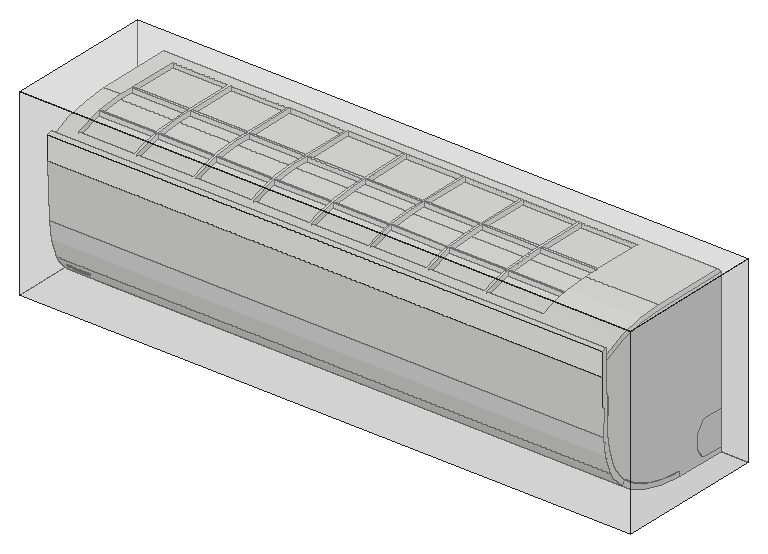
Revit family "outputfile", category 機械設備, Revit 2024
Family settings
  丸型コネクタ寸法 = 半径を使用
  パーツ タイプ = 標準
  OmniClass 番号 = 23.75.10.24.21.27.27
  OmniClass タイトル = Split System Air Conditioning Units
  作業面ベース = いいえ
  常に垂直 = はい
  ロード時にボイドで切り取り = いいえ
  注釈の向きを維持 = いいえ
  共有 = いいえ
  部屋計算ポイント = いいえ
Parameters (values of type "FTKF71T2VMA")
  Description = ""
  書き出し IFC クラス(タイプ) = "IfcUnitaryEquipmentType"
  定義済み IFC タイプ(タイプ) = "AIRCONDITIONINGUNIT"
  Cost = 0
  Type Comments = ""
  Keynote = ""
  Type Image = (empty or 0)
  Assembly Code = ""
  w_wall hole = if(Width = 770.0 mm, 48.0 mm, 60.0 mm)  # 60.0 mm
  製造元 = "Daikin"
  モデル = "FTKF71T2VMA"
  switch_frequency = yes
  r_Liquid Pipe Size = Liquid Pipe Size / 2  # 3.2 mm
  r_Gas Pipe Size = Gas Pipe Size / 2  # 7.95 mm
  r_Drain Pipe Size = Drain Pipe Size / 2  # 8.0 mm
  lw_powersupply [instance] = if(Width = 770.0 mm, if(or(Rear Right Connection_refrigerant, Bottom Right Connection_refrigerant), 25.0 mm, if(or(Rear Left Connection_refrigerant, Bottom Left Connection_refrigerant), 745.0 mm, 400.0 mm)), if(Width = 990.0 mm, if(or(Rear Right Connection_refrigerant, Bottom Right Connection_refrigerant), 40.0 mm, if(or(Rear Left Connection_refrigerant, Bottom Left Connection_refrigerant), 920.0 mm, 400.0 mm)), if(or(Rear Right Connection_refrigerant, Bottom Right Connection_refrigerant), 40.0 mm, if(or(Rear Left Connection_refrigerant, Bottom Left Connection_refrigerant), 920.0 mm, 400.0 mm))))  # 400.0 mm
  lw_liquidpipe [instance] = if(Width = 770.0 mm, if(or(Rear Right Connection_refrigerant, Bottom Right Connection_refrigerant), 0.0 mm, if(or(Rear Left Connection_refrigerant, Bottom Left Connection_refrigerant), 664.0 mm, 385.0 mm)), if(Width = 990.0 mm, if(or(Rear Right Connection_refrigerant, Bottom Right Connection_refrigerant), 0.0 mm, if(or(Rear Left Connection_refrigerant, Bottom Left Connection_refrigerant), 664.0 mm + (990.0 mm - 770.0 mm), 475.0 mm)), if(or(Rear Right Connection_refrigerant, Bottom Right Connection_refrigerant), 0.0 mm, if(or(Rear Left Connection_refrigerant, Bottom Left Connection_refrigerant), 664.0 mm + (990.0 mm - 770.0 mm), 475.0 mm))))  # 475.0 mm
  lw_gaspipe [instance] = if(Width = 770.0 mm, if(or(Rear Right Connection_refrigerant, Bottom Right Connection_refrigerant), 0.0 mm, if(or(Rear Left Connection_refrigerant, Bottom Left Connection_refrigerant), 675.0 mm, if(Gas Pipe Size = 12.7 mm, 345.0 mm, 335.0 mm))), if(Width = 990.0 mm, if(or(Rear Right Connection_refrigerant, Bottom Right Connection_refrigerant), 10.0 mm, if(or(Rear Left Connection_refrigerant, Bottom Left Connection_refrigerant), 890.0 mm, if(Gas Pipe Size = 15.9 mm, 400.0 mm, 400.0 mm))), if(or(Rear Right Connection_refrigerant, Bottom Right Connection_refrigerant), 10.0 mm, if(or(Rear Left Connection_refrigerant, Bottom Left Connection_refrigerant), 890.0 mm, if(Gas Pipe Size = 15.9 mm, 400.0 mm, 400.0 mm)))))  # 400.0 mm
  lw_drainpipe [instance] = if(Width = 770.0 mm, if(or(Rear Right Connection_refrigerant, Bottom Right Connection_refrigerant), 0.0 mm, if(or(Rear Left Connection_refrigerant, Bottom Left Connection_refrigerant), 770.0 mm - 48.0 mm - 48.0 mm, 440.0 mm)), if(Width = 990.0 mm, if(or(Rear Right Connection_refrigerant, Bottom Right Connection_refrigerant), 0.0 mm, if(or(Rear Left Connection_refrigerant, Bottom Left Connection_refrigerant), 675.0 mm + (990.0 mm - 770.0 mm), 435.0 mm)), if(or(Rear Right Connection_refrigerant, Bottom Right Connection_refrigerant), 0.0 mm, if(or(Rear Left Connection_refrigerant, Bottom Left Connection_refrigerant), 675.0 mm + (990.0 mm - 770.0 mm), 435.0 mm))))  # 435.0 mm
  l_powersupply_length [instance] = if(Width = 770.0 mm, if(Right Connection_refrigerant, 400.0 mm, if(Left Connection_refrigerant, 770.0 mm - 400.0 mm, if(or(Rear Left Connection_refrigerant, Rear Right Connection_refrigerant), 15.0 mm, 50.0 mm))), if(Width = 990.0 mm, if(Right Connection_refrigerant, 400.0 mm, if(Left Connection_refrigerant, 990.0 mm - 400.0 mm, if(or(Rear Left Connection_refrigerant, Rear Right Connection_refrigerant), 15.0 mm, 50.0 mm))), if(Right Connection_refrigerant, 400.0 mm, if(Left Connection_refrigerant, 990.0 mm - 400.0 mm, if(or(Rear Left Connection_refrigerant, Rear Right Connection_refrigerant), 15.0 mm, 50.0 mm)))))  # 400.0 mm
  l_liquidpipe_length [instance] = if(Width = 770.0 mm, if(Right Connection_refrigerant, 433.0 mm, if(Left Connection_refrigerant, 337.0 mm, if(or(Rear Left Connection_refrigerant, Rear Right Connection_refrigerant), 30.0 mm, 40.0 mm))), if(Width = 990.0 mm, if(Right Connection_refrigerant, 535.0 mm, if(Left Connection_refrigerant, 455.0 mm, if(or(Rear Left Connection_refrigerant, Rear Right Connection_refrigerant), 30.0 mm, 40.0 mm))), if(Right Connection_refrigerant, 535.0 mm, if(Left Connection_refrigerant, 455.0 mm, if(or(Rear Left Connection_refrigerant, Rear Right Connection_refrigerant), 30.0 mm, 40.0 mm)))))  # 535.0 mm
  l_gaspipe_length [instance] = if(Width = 770.0 mm, if(Right Connection_refrigerant, if(Gas Pipe Size = 12.7 mm, 393.0 mm, 383.0 mm), if(Left Connection_refrigerant, if(Gas Pipe Size = 12.7 mm, 770.0 mm - 393.0 mm, 770.0 mm - 383.0 mm), if(or(Rear Left Connection_refrigerant, Rear Right Connection_refrigerant), 40.0 mm, 50.0 mm))), if(Width = 990.0 mm, if(Right Connection_refrigerant, if(Gas Pipe Size = 15.9 mm, 460.0 mm, 460.0 mm), if(Left Connection_refrigerant, if(Gas Pipe Size = 15.9 mm, 990.0 mm - 460.0 mm, 990.0 mm - 460.0 mm), if(or(Rear Left Connection_refrigerant, Rear Right Connection_refrigerant), 40.0 mm, 50.0 mm))), if(Right Connection_refrigerant, if(Gas Pipe Size = 15.9 mm, 460.0 mm, 460.0 mm), if(Left Connection_refrigerant, if(Gas Pipe Size = 15.9 mm, 990.0 mm - 460.0 mm, 990.0 mm - 460.0 mm), if(or(Rear Left Connection_refrigerant, Rear Right Connection_refrigerant), 40.0 mm, 50.0 mm)))))  # 460.0 mm
  l_drainpipe_length [instance] = if(Width = 770.0 mm, if(Right Connection_refrigerant, 488.0 mm, if(Left Connection_refrigerant, 282.0 mm, if(or(Rear Left Connection_refrigerant, Rear Right Connection_refrigerant), 15.0 mm, 20.0 mm))), if(Width = 990.0 mm, if(Right Connection_refrigerant, 495.0 mm, if(Left Connection_refrigerant, 495.0 mm, if(or(Rear Left Connection_refrigerant, Rear Right Connection_refrigerant), 15.0 mm, 20.0 mm))), if(Right Connection_refrigerant, 495.0 mm, if(Left Connection_refrigerant, 495.0 mm, if(or(Rear Left Connection_refrigerant, Rear Right Connection_refrigerant), 15.0 mm, 20.0 mm)))))  # 495.0 mm
  h*** = 0.0 mm  # constant formula
  connector_voltage = Voltage_50Hz  # 230 V
  connector_powerinput = [Power Input (Cooling)]  # 0.000 kW
  connector_phase = Phase_50Hz  # 1
  angle_vertical [instance] = if(or(Bottom Left Connection_refrigerant, Bottom Right Connection_refrigerant), 0.00°, 90.00°)  # 90.00°
  angle_horizontal [instance] = if(Right Connection_refrigerant, 90.00°, if(Left Connection_refrigerant, -90.00°, if(or(Rear Left Connection_refrigerant, Rear Right Connection_refrigerant), 180.00°, 0.00°)))  # 90.00°
  Width = 990.0 mm
  Voltage_comment_50Hz = "220 - 240"
  Voltage_50Hz = 230 V
  Version = "ver.1.0"
  Unit Type = "Wall Mounted"
  Unit Mass Weight = 13.00 kg
  Unit Designation [instance] = ""
  Uniclass2015Version = "Products v1.30"
  Uniclass2015Title = "Split coil room air conditioning units"
  Uniclass2015Code = "Pr_70_65_03_86"
  URL = ""
  Total Cooling Capacity [instance] = 0.000 kW
  Sound Pressure Level_M speed (dBA) = 45
  Sound Pressure Level_L speed (dBA) = 37
  Sound Pressure Level_H speed (dBA) = 49
  Sound Power Level_H speed (dB) = 0
  Series = "Single Split_Fan Coil Unit"
  Sensible Cooling Capacity [instance] = 0.000 kW
  Refrigerant Type = "R32"
  Power Input (Cooling) = 0.000 kW
  Phase_50Hz = 1
  Option Accessory 3 [instance] = ""
  Option Accessory 2 [instance] = ""
  Option Accessory 1 [instance] = ""
  Nominal Cooling Capacity = 7.100 kW
  Minimum Circuit Amps_50Hz = 0.0 A
  Minimum Airflow = 708.00 m³/h
  Median Airflow = 954.00 m³/h
  Maximum Fuse Amps_50Hz = 0.0 A
  Maximum Airflow = 1190.00 m³/h
  Material_Casing = DAIKIN_PureWhite_Casing_indoorunit
  Load Classification = HVAC
  Liquid Pipe Size = 6.4 mm
  Link_Nested Family [instance] = ""
  IfcVersion = ""
  IfcExportType = "AIRCONDITIONINGUNIT"
  IfcExportAs = "IfcUnitaryEquipmentType"
  Height = 295.0 mm
  Heat Exchanger Type = "Cross Fin Coil"
  Gas Pipe Size = 15.9 mm
  Frequency_50Hz = 50 Hz
  Fan Type = "Cross Flow Fan"
  Fan Drive = "Direct Drive"
  FCU Tag No. [instance] = ""
  Drain Pipe Size = 16.0 mm
  Design Supply Airflow [instance] = 0.00 m³/h
  Depth = 263.0 mm
  既定の高さ = 0.0 mm
  Cooling Entering Wet Bulb Temperature [instance] = 0.00 °C
  Cooling Entering Dry Bulb Temperature [instance] = 0.00 °C
  Cooling Ambient Wet Bulb Temperature [instance] = 0.00 °C
  Cooling Ambient Dry Bulb Temperature [instance] = 0.00 °C
  Clearance visibility [instance] = yes
  Clearance Top = 30.0 mm
  Clearance Right = 50.0 mm
  Clearance Rear = 0.0 mm
  Clearance Left = 50.0 mm
  Clearance Front = 0.0 mm
  Clearance Bottom = 0.0 mm
  Bottom Right Connection_refrigerant [instance] = no
  Bottom Left Connection_refrigerant [instance] = no
  Rear Right Connection_refrigerant [instance] = no
  Rear Left Connection_refrigerant [instance] = no
  Right Connection_refrigerant [instance] = yes
  Left Connection_refrigerant [instance] = no
Reference planes
  plane 1 "Back": y = 0
  plane 2: z = 0
  plane 3 "Center (Left/Right)": x = 0
  plane 4 "Center (Front/Back)": y = -131.5
  plane 5 "Front": y = -263
  plane 6 "Left": x = -495
  plane 7 "Right": x = 495
  plane 8 "Top": z = 0
  plane 9 "Bottom": z = -295
  plane 10: x = -545
  plane 11: x = 545
  plane 12: y = 0
  plane 13: y = -263
  plane 14: z = 30
  plane 15: z = -295
  plane 16 "lw_Piping and Wiring intake": x = 435
  plane 17 "lw_gaspipe": x = 35
  plane 18 "lw_liquidpipe": x = -40
  plane 19 "lw_drainpipe": x = 0
  plane 20 "lh_drainpipe": z = -275
  plane 21 "lh_liquidpipe": z = -255
  plane 22 "lh_gaspipe": z = -245
  plane 23 "ld_drainpipe": y = -15
  plane 24 "ld_liquidpipe": y = -30
  plane 25 "ld_gaspipe": y = -40
  plane 26 "lw_powersupply": x = 95
Dimensions and locks
  equal spacing: plane 6 "Left", plane 3 "Center (Left/Right)", plane 7 "Right"
  "Width": plane 6 "Left" to plane 7 "Right"
  equal spacing: plane 5 "Front", plane 4 "Center (Front/Back)", plane 1 "Back"
  "Depth": plane 5 "Front" to plane 1 "Back"
  "Height": plane 8 "Top" to plane 9 "Bottom"
  "Clearance Rear": plane 12 to plane 1 "Back"
  "Clearance Front": plane 13 to plane 5 "Front"
  "Clearance Top": plane 14 to plane 8 "Top"
  "Clearance Bottom": plane 9 "Bottom" to plane 15
  "w_wall hole": plane 16 "lw_Piping and Wiring intake" to plane 7 "Right"
  "lw_gaspipe": plane 17 "lw_gaspipe" to plane 16 "lw_Piping and Wiring intake"
  "lw_liquidpipe": plane 18 "lw_liquidpipe" to plane 16 "lw_Piping and Wiring intake"
  "lw_drainpipe": plane 19 "lw_drainpipe" to plane 16 "lw_Piping and Wiring intake"
  locked: plane 20 "lh_drainpipe" to plane 9 "Bottom" at 20
  locked: plane 21 "lh_liquidpipe" to plane 9 "Bottom" at 40
  locked: plane 22 "lh_gaspipe" to plane 9 "Bottom" at 50
  locked: plane 23 "ld_drainpipe" to plane 1 "Back" at 15
  locked: plane 1 "Back" to plane 24 "ld_liquidpipe" at 30
  locked: plane 1 "Back" to plane 25 "ld_gaspipe" at 40
  "lw_powersupply": plane 26 "lw_powersupply" to plane 7 "Right"
  "Clearance Left": plane 10 to plane 6 "Left"
  "Clearance Right": plane 7 "Right" to plane 11
  aligned and locked: level to plane 2
  aligned and locked: plane 12 to nested 1
  aligned and locked: nested 1 to plane 13
  aligned and locked: plane 10 to nested 1
  aligned and locked: plane 11 to nested 1
  aligned and locked: plane 15 to nested 1
  aligned and locked: plane 14 to nested 1
  aligned and locked: plane 17 "lw_gaspipe" to nested 2
  aligned and locked: nested 2 to plane 25 "ld_gaspipe"
  aligned and locked: plane 18 "lw_liquidpipe" to nested 3
  aligned and locked: nested 3 to plane 24 "ld_liquidpipe"
  aligned and locked: plane 19 "lw_drainpipe" to nested 4
  aligned and locked: nested 4 to plane 23 "ld_drainpipe"
  aligned and locked: nested 5 to plane 23 "ld_drainpipe"
  aligned and locked: plane 26 "lw_powersupply" to nested 5
  aligned and locked: level to plane 8 "Top"
  aligned and locked: plane 3 "Center (Left/Right)" to nested 6
  aligned and locked: plane 1 "Back" to nested 6
  aligned and locked: plane 8 "Top" to nested 6
Nested families
  nested 1: "daikin_clearancespace" at (0, -131.5, -132.381), show <- "Clearance visibility", visible <- "Clearance visibility", Link_Nested Family <- "Link_Nested Family", type "daikin_clearancespace"
    with width 1090.0 mm, show yes, height 325.0 mm, depth 263.0 mm, Link_Nested Family ""
  nested 2: "daikin_connector_rotate3" at (35, -40, -245), angle_vertical <- "angle_vertical", angle_horizontal <- "angle_horizontal", length <- "l_gaspipe_length", radius <- "r_Gas Pipe Size", type "daikin_connector_rotate3"
    with show no, radius 7.95 mm, length 460.0 mm, angle_vertical 90.00°, angle_horizontal 90.00°
  nested 3: "daikin_connector_rotate3" at (-40, -30, -255), angle_vertical <- "angle_vertical", angle_horizontal <- "angle_horizontal", radius <- "r_Liquid Pipe Size", length <- "l_liquidpipe_length", type "daikin_connector_rotate3"
    with show no, radius 3.2 mm, length 535.0 mm, angle_vertical 90.00°, angle_horizontal 90.00°
  nested 4: "daikin_connector_rotate3" at (0, -15, -275), angle_vertical <- "angle_vertical", angle_horizontal <- "angle_horizontal", length <- "l_drainpipe_length", radius <- "r_Drain Pipe Size", type "daikin_connector_rotate3"
    with show no, radius 8.0 mm, length 495.0 mm, angle_vertical 90.00°, angle_horizontal 90.00°
  nested 5: "daikin_connector_rotate3" at (95, -15, -245), angle_vertical <- "angle_vertical", angle_horizontal <- "angle_horizontal", length <- "l_powersupply_length", type "daikin_connector_rotate3"
    with show no, radius 10.0 mm, length 400.0 mm, angle_vertical 90.00°, angle_horizontal 90.00°
  nested 6: "DAIKIN_indoorunit_FTKF-T2VMA" at (-31, 0, 0), type "FTKF-T2VMA"
    with switch_unit1_60-71 yes, switch_unit1_20-50 no, Width 990.0 mm, WALL HOLE-R 60.0 mm, WALL HOLE Size 80.0 mm, Height 295.0 mm
Connectors
  piping at (495, -40, -245), diameter 15.9, driven by "r_Gas Pipe Size"
    settings: on nested 2, index 1, connector inside diameter 609.6 mm, connector length 0.0 mm, flow factor 0, pipe flow 0.00 m³/h, pressure drop 0.0 Pa, fitting loss kfactor 0, connector angle 0.00°, fixture units 0, engagement length 0.0 mm, angle of deflection 0.00°, flow configuration 1, flow direction 2, fitting loss method 0, system type 29, joint type 0, gender type 0, connector reference index -1, connector utility 0, adjustable connector no, is connector primary yes, connector description "Refrigerant Gas Piping"
  piping at (495, -30, -255), diameter 6.4, driven by "r_Liquid Pipe Size"
    settings: on nested 3, index 2, connector inside diameter 609.6 mm, connector length 0.0 mm, flow factor 0, pipe flow 0.00 m³/h, pressure drop 0.0 Pa, fitting loss kfactor 0, connector angle 0.00°, fixture units 0, engagement length 0.0 mm, angle of deflection 0.00°, flow configuration 1, flow direction 1, fitting loss method 0, system type 29, joint type 0, gender type 0, connector reference index -1, connector utility 0, adjustable connector no, is connector primary no, connector description "Refrigerant Liquid Piping"
  piping at (495, -15, -275), diameter 16, driven by "r_Drain Pipe Size"
    settings: on nested 4, index 3, connector inside diameter 609.6 mm, connector length 0.0 mm, flow factor 0, pipe flow 0.00 m³/h, pressure drop 0.0 Pa, fitting loss kfactor 0, connector angle 0.00°, fixture units 0, engagement length 0.0 mm, angle of deflection 0.00°, flow configuration 1, flow direction 2, fitting loss method 4, system type 16, joint type 0, gender type 0, connector reference index -1, connector utility 0, adjustable connector no, is connector primary no, connector description "Condensate Drain Piping"
  electrical at (495, -15, -245), driven by "Load Classification", driven by "connector_voltage", driven by "connector_powerinput", driven by "connector_phase"
    settings: on nested 5, index 4, voltage 230 V, apparent load 0 VA, apparent load phase1 0 VA, apparent load phase2 0 VA, apparent load phase3 0 VA, power factor 1, load classification "HVAC", number of poles 1, system type 30, power factor state 1, is connector primary yes, connector utility no, sub classification motor no, connector description "Power Supply"
Definition of nested family "daikin_clearancespace"
  Parameters (values of type "daikin_clearancespace")
    Description = "daikin_clearancespace"
    width [instance] = 1823.963 mm
    show [instance] = yes
    material = none
    height [instance] = 1359.762 mm
    depth [instance] = 880.0 mm
    Default Elevation = 0.0 mm
    Link_Nested Family [instance] = ""
  Reference planes
    plane 1 "Center (Front/Back)": y = 0
    plane 2 "Center (Elevation)": z = -0.119
    plane 3 "Center (Left/Right)": x = 0
    plane 4: y = 440
    plane 5: y = -440
    plane 6 "Right": x = 911.982
    plane 7 "Left": x = -911.982
    plane 8 "Top": z = 679.762
    plane 9 "Bottom": z = -680
  Forms (mm)
    Extrusion 1, solid, material <- "material", visible <- "show"
      sketch origin (0, 0, 0) x (1, 0, 0) y (0, 1, 0)
        loop
          line (-911.982, 440) -> (-911.982, -440) -> (911.982, -440) -> (911.982, 440) -> (-911.982, 440)
      from -680 to 679.762
  Lines and regions (mm)
    symbolic lines, visible <- "show"
      curve 1: line (911.982, 440, 0) -> (-911.982, 440, 0)
      curve 2: line (-911.982, 440, 0) -> (-911.982, -440, 0)
      curve 3: line (-911.982, -440, 0) -> (911.982, -440, 0)
      curve 4: line (911.982, -440, 0) -> (911.982, 440, 0)
      curve 5: line (911.982, 0, 679.762) -> (-911.982, 0, 679.762)
      curve 6: line (911.982, 0, -680) -> (911.982, 0, 679.762)
      curve 7: line (-911.982, 0, -680) -> (911.982, 0, -680)
      curve 8: line (-911.982, 0, 679.762) -> (-911.982, 0, -680)
      curve 9: line (0, 440, 679.762) -> (0, -440, 679.762)
      curve 10: line (0, -440, 679.762) -> (0, -440, -680)
      curve 11: line (0, 440, -680) -> (0, 440, 679.762)
      curve 12: line (0, -440, -680) -> (0, 440, -680)
  Dimensions and locks
    "width": plane 7 "Left" to plane 6 "Right"
    "depth": plane 4 to plane 5
    "height": plane 8 "Top" to plane 9 "Bottom"
    equal spacing: plane 7 "Left", plane 3 "Center (Left/Right)", plane 6 "Right"
    equal spacing: plane 4, plane 1 "Center (Front/Back)", plane 5
    equal spacing: plane 8 "Top", plane 2 "Center (Elevation)", plane 9 "Bottom"
    aligned and locked: level to plane 2 "Center (Elevation)"
    aligned and locked: Extrusion 1 sketch curve to plane 4
    aligned and locked: plane 7 "Left" to Extrusion 1 sketch curve
    aligned and locked: Extrusion 1 sketch curve to plane 5
    aligned and locked: Extrusion 1 sketch curve to plane 6 "Right"
    aligned and locked: plane 8 "Top" to Extrusion 1
    aligned and locked: curve 1 to Extrusion 1
    aligned and locked: curve 2 to Extrusion 1
    aligned and locked: curve 3 to Extrusion 1
    aligned and locked: curve 4 to Extrusion 1
    aligned and locked: curve 5 to Extrusion 1
    aligned and locked: curve 6 to Extrusion 1
    aligned and locked: curve 7 to Extrusion 1
    aligned and locked: curve 8 to Extrusion 1
    aligned and locked: curve 9 to Extrusion 1
    aligned and locked: curve 10 to Extrusion 1
    aligned and locked: curve 11 to Extrusion 1
    aligned and locked: curve 12 to Extrusion 1
    aligned and locked: Extrusion 1 to plane 9 "Bottom"
Definition of nested family "DAIKIN_indoorunit_FTKF-T2VMA"
  Parameters (values of type "FTKF-TVMA")
    switch_unit1_60-71 = Width = 990.0 mm  # no
    switch_unit1_20-50 = Width = 770.0 mm  # yes
    Width = 770.0 mm
    WALL HOLE-R = if(Width = 770.0 mm, 48.0 mm, 60.0 mm)  # 48.0 mm
    WALL HOLE Size = if(Width = 770.0 mm, 65.0 mm, 80.0 mm)  # 65.0 mm
    Material_Casing = none
    Height = if(Width = 770.0 mm, 285.0 mm, 295.0 mm)  # 285.0 mm
    Default Elevation = 0.0 mm
  Reference planes
    plane 1 "Center (Front/Back)": y = 0
    plane 2 "reference_level": z = 0
    plane 3 "Center (Left/Right)": x = 31
    plane 4: x = -354
    plane 5: x = 416
    plane 6: z = -285
  Forms (mm)
    Extrusion 1, solid, material <- "Material_Casing", visible <- "switch_unit1_20-50"
      sketch origin (29, 0, 0) x (0, 1, 0) y (0, 0, 1)
        loop
          line (-5, 0) -> (-98, 0)
          arc (-98, 0) -> (-157.611, -7.211) -> (-213.783, -28.427) r 250
          arc (-213.783, -28.427) -> (-213.842, -32.972) -> (-213.892, -37.516) r 2191
          arc (-213.892, -37.516) -> (-157.832, -15.495) -> (-98.07, -8) r 242
          line (-98.07, -8) -> (0, -8) -> (-5, 0)
      from -383 to 387
    Extrusion 2, solid, material <- "Material_Casing", visible <- "switch_unit1_20-50"
      sketch origin (416, 1296.25, 1200) x (0, 1, 0) y (0, 0, 1)
        loop
          line (-1472.998, -1446.91) -> (-1476.998, -1453.839)
          arc (-1476.998, -1453.839) -> (-1437.481, -1472.422) -> (-1395.25, -1483.538) r 240
          line (-1395.25, -1483.538) -> (-1395.25, -1475.422)
          arc (-1395.25, -1475.422) -> (-1435.407, -1464.663) -> (-1472.998, -1446.91) r 232
      from 0 to -47.5
    Extrusion 3, solid, material <- "Material_Casing", visible <- "switch_unit1_20-50"
      sketch origin (29, 0, 0) x (0, 1, 0) y (0, 0, 1)
        loop
          arc (-223, -60.455) -> (-222.414, -110.646) -> (-220.656, -160.81) r 2149.92
          arc (-220.656, -160.81) -> (-219.65, -174.299) -> (-217.853, -187.706) r 229.911
          arc (-217.853, -187.706) -> (-205.371, -223.594) -> (-181.517, -253.17) r 111
          line (-181.517, -253.17) -> (-177.429, -246.093)
          arc (-177.429, -246.093) -> (-198.77, -218.989) -> (-209.965, -186.36) r 103
          arc (-209.965, -186.36) -> (-211.681, -173.586) -> (-212.651, -160.735) r 221.844
          arc (-212.651, -160.735) -> (-214.739, -93.233) -> (-214.74, -25.699) r 2186.828
          arc (-214.74, -25.699) -> (-214.671, -21.467) -> (-214.594, -17.235) r 2192
          line (-214.594, -17.235) -> (-223, -19.961) -> (-223, -60.455)
      from -383 to 387
    Extrusion 4, solid, material <- "Material_Casing", visible <- "switch_unit1_20-50"
      sketch origin (29, 0, -20) x (0, 1, 0) y (0, 0, 1)
        loop
          line (0, -265) -> (0, 12) -> (-98.07, 12)
          arc (-98.07, 12) -> (-157.832, 4.505) -> (-213.892, -17.516) r 242
          arc (-213.892, -17.516) -> (-213.638, -79.114) -> (-211.653, -140.681) r 2191
          arc (-211.653, -140.681) -> (-210.685, -153.501) -> (-208.973, -166.243) r 221
          arc (-208.973, -166.243) -> (-197.471, -199.282) -> (-175.482, -226.491) r 102
          arc (-175.482, -226.491) -> (-138.004, -244.019) -> (-98, -254.579) r 231
          line (-98, -254.579) -> (-98, -265) -> (0, -265)
      from -383 to 387
    Extrusion 5, solid, material <- "Material_Casing", visible <- "switch_unit1_20-50"
      sketch origin (-354, 1296.25, 1200) x (0, 1, 0) y (0, 0, 1)
        loop
          line (-1472.998, -1446.91) -> (-1476.998, -1453.839)
          arc (-1476.998, -1453.839) -> (-1437.481, -1472.422) -> (-1395.25, -1483.538) r 240
          line (-1395.25, -1483.538) -> (-1395.25, -1475.422)
          arc (-1395.25, -1475.422) -> (-1435.407, -1464.663) -> (-1472.998, -1446.91) r 232
      from 47 to 0
    Extrusion 6, solid, material <- "Material_Casing", visible <- "switch_unit1_20-50"
      sketch origin (416, 1296.25, 1200) x (0, 1, 0) y (0, 0, 1)
        loop
          line (-1472.998, -1446.91) -> (-1476.998, -1453.839)
          arc (-1476.998, -1453.839) -> (-1443.437, -1470.168) -> (-1407.75, -1481.097) r 240
          line (-1407.75, -1481.097) -> (-1407.75, -1472.894)
          arc (-1407.75, -1472.894) -> (-1441.363, -1462.385) -> (-1472.998, -1446.91) r 232
      from -116.993 to -48.493
    Extrusion 7, solid, material <- "Material_Casing", visible <- "switch_unit1_20-50"
      sketch origin (416, 1296.25, 1200) x (0, 1, 0) y (0, 0, 1)
        loop
          line (-1472.998, -1446.91) -> (-1476.998, -1453.839)
          arc (-1476.998, -1453.839) -> (-1443.437, -1470.168) -> (-1407.75, -1481.097) r 240
          line (-1407.75, -1481.097) -> (-1407.75, -1472.894)
          arc (-1407.75, -1472.894) -> (-1441.363, -1462.385) -> (-1472.998, -1446.91) r 232
      from -717 to -121.993
    Extrusion 8, void
      sketch origin (31, 0, -235) x (1, 0, 0) y (0, 1, 0)
        loop
          line (-252.674, -22.316) -> (-354.941, -22.316) -> (-354.941, -91.341) -> (-252.674, -91.341) -> (-252.674, -22.316)
        loop
          line (-249.341, -91.341) -> (-151.574, -91.341) -> (-151.574, -22.316) -> (-249.341, -22.316) -> (-249.341, -91.341)
        loop
          line (58.309, -22.316) -> (-148.309, -22.316) -> (-148.309, -91.341) -> (58.309, -91.341) -> (58.309, -22.316)
        loop
          line (61.689, -22.316) -> (61.689, -91.341) -> (159.457, -91.341) -> (159.457, -22.316) -> (61.689, -22.316)
        loop
          line (162.789, -22.316) -> (162.789, -91.341) -> (265.057, -91.341) -> (265.057, -22.316) -> (162.789, -22.316)
        loop
          line (-354.941, -94.659) -> (-354.941, -165.259) -> (-252.674, -165.259) -> (-252.674, -94.659) -> (-354.941, -94.659)
        loop
          line (-249.341, -94.659) -> (-249.341, -165.259) -> (-151.574, -165.259) -> (-151.574, -94.659) -> (-249.341, -94.659)
        loop
          line (-148.309, -94.659) -> (-148.309, -165.259) -> (58.309, -165.259) -> (58.309, -94.659) -> (-148.309, -94.659)
        loop
          line (61.689, -94.659) -> (61.689, -165.259) -> (159.457, -165.259) -> (159.457, -94.659) -> (61.689, -94.659)
        loop
          line (162.789, -94.659) -> (162.789, -165.259) -> (265.057, -165.259) -> (265.057, -94.659) -> (162.789, -94.659)
        loop
          line (-354.941, -167.382) -> (-354.941, -192.681) -> (-252.674, -192.681) -> (-252.674, -167.382) -> (-354.941, -167.382)
        loop
          line (-249.341, -167.382) -> (-249.341, -192.681) -> (-151.574, -192.681) -> (-151.574, -167.382) -> (-249.341, -167.382)
        loop
          line (-148.309, -167.382) -> (-148.309, -192.681) -> (58.309, -192.681) -> (58.309, -167.382) -> (-148.309, -167.382)
        loop
          line (159.457, -167.382) -> (61.689, -167.382) -> (61.689, -192.681) -> (159.457, -192.681) -> (159.457, -167.382)
        loop
          line (265.057, -167.382) -> (162.789, -167.382) -> (162.789, -192.681) -> (265.057, -192.681) -> (265.057, -167.382)
      from 201.638 to 250
    Extrusion 9, solid, material <- "Material_Casing"
      sketch origin (31, 0, 0) x (1, 0, 0) y (0, 0, 1)
        loop
          circle (337, -240.5) r 32.5
        loop
          circle (-337, -240.5) r 32.5
      from 0 to 5
    Extrusion 10, solid, material <- "Material_Casing", visible <- "switch_unit1_20-50"
      sketch origin (416, 1296.25, 1200) x (0, -1, 0) y (0, 0, 1)
        loop
          line (1326.25, -1417) -> (1296.25, -1417) -> (1296.25, -1477) -> (1326.25, -1477)
          arc (1326.25, -1477) -> (1340.393, -1471.142) -> (1346.25, -1457) r 20
          line (1346.25, -1457) -> (1346.25, -1437)
          arc (1346.25, -1437) -> (1340.393, -1422.858) -> (1326.25, -1417) r 20
      from 0 to 5
    Extrusion 11, solid, material <- "Material_Casing", visible <- "switch_unit1_20-50"
      sketch origin (-354, 1296.25, 1200) x (0, 1, 0) y (0, 0, 1)
        loop
          line (-1296.25, -1417) -> (-1326.25, -1417)
          arc (-1326.25, -1417) -> (-1340.393, -1422.858) -> (-1346.25, -1437) r 20
          line (-1346.25, -1437) -> (-1346.25, -1457)
          arc (-1346.25, -1457) -> (-1340.393, -1471.142) -> (-1326.25, -1477) r 20
          line (-1326.25, -1477) -> (-1296.25, -1477) -> (-1296.25, -1417)
      from 0 to 5
    Extrusion 12, solid, material <- "Material_Casing", visible <- "switch_unit1_20-50"
      sketch origin (31, 0, -285) x (-1, 0, 0) y (0, -1, 0)
        loop
          line (-314, 0) -> (-314, 30)
          arc (-314, 30) -> (-319.858, 44.142) -> (-334, 50) r 20
          line (-334, 50) -> (-354, 50)
          arc (-354, 50) -> (-368.142, 44.142) -> (-374, 30) r 20
          line (-374, 30) -> (-374, 0) -> (-314, 0)
        loop
          line (374, 0) -> (374, 30)
          arc (374, 30) -> (368.142, 44.142) -> (354, 50) r 20
          line (354, 50) -> (334, 50)
          arc (334, 50) -> (319.858, 44.142) -> (314, 30) r 20
          line (314, 30) -> (314, 0) -> (374, 0)
      from 0 to 5
    Extrusion 13, solid, material <- "Material_Casing", visible <- "switch_unit1_60-71"
      sketch origin (31, 0, 0) x (0, 1, 0) y (0, 0, 1)
        loop
          line (-5, 0) -> (-138, 0)
          arc (-138, 0) -> (-197.611, -7.211) -> (-253.783, -28.427) r 250
          arc (-253.783, -28.427) -> (-253.838, -32.687) -> (-253.886, -36.946) r 2191
          arc (-253.886, -36.946) -> (-197.73, -15.346) -> (-138.014, -8) r 246.393
          line (-138.014, -8) -> (0, -8) -> (-5, 0)
      from -495 to 495
    Extrusion 14, solid, material <- "Material_Casing", visible <- "switch_unit1_60-71"
      sketch origin (418, 1296.25, 1200) x (0, 1, 0) y (0, 0, 1)
        loop
          arc (-1515.208, -1454.149) -> (-1506.856, -1460.599) -> (-1497.925, -1466.219) r 110
          arc (-1497.925, -1466.219) -> (-1445.718, -1487.493) -> (-1389.844, -1494.995) r 223
          line (-1389.844, -1494.995) -> (-1389.844, -1486.086) -> (-1404.386, -1486.086)
          arc (-1404.386, -1486.086) -> (-1449.542, -1477.46) -> (-1491.818, -1459.402) r 214.289
          arc (-1491.818, -1459.402) -> (-1501.056, -1453.541) -> (-1509.606, -1446.715) r 101
          line (-1509.606, -1446.715) -> (-1515.208, -1454.149)
      from 108 to 57.5
    Extrusion 15, solid, material <- "Material_Casing", visible <- "switch_unit1_60-71"
      sketch origin (31, 0, 0) x (0, 1, 0) y (0, 0, 1)
        loop
          line (-263, -19.962) -> (-263, -61.6)
          arc (-263, -61.6) -> (-262.414, -110.219) -> (-260.656, -158.81) r 2017.341
          arc (-260.656, -158.81) -> (-255.648, -191.935) -> (-244.041, -223.362) r 164.725
          arc (-244.041, -223.362) -> (-233.569, -239.793) -> (-219.717, -253.495) r 87.379
          line (-219.717, -253.495) -> (-214.706, -246.846)
          arc (-214.706, -246.846) -> (-229.564, -230.029) -> (-240.385, -210.371) r 102
          arc (-240.385, -210.371) -> (-249.049, -182.962) -> (-252.848, -154.467) r 165.789
          arc (-252.848, -154.467) -> (-254.771, -90.102) -> (-254.74, -25.708) r 2122.533
          arc (-254.74, -25.708) -> (-254.671, -21.469) -> (-254.594, -17.23) r 2192
          line (-254.594, -17.23) -> (-263, -19.962)
      from -495 to 495
    Extrusion 16, void
      sketch origin (33, 0, 0) x (1, 0, 0) y (0, 1, 0)
        loop
          line (-466.909, -22.316) -> (-466.909, -111.341) -> (-366.303, -111.341) -> (-366.303, -22.316) -> (-466.909, -22.316)
        loop
          line (-362.71, -22.316) -> (-362.71, -111.341) -> (-262.103, -111.341) -> (-262.103, -22.316) -> (-362.71, -22.316)
        loop
          line (-258.51, -22.316) -> (-258.51, -111.341) -> (-157.904, -111.341) -> (-157.904, -22.316) -> (-258.51, -22.316)
        loop
          line (-154.31, -22.316) -> (-154.31, -111.341) -> (-53.704, -111.341) -> (-53.704, -22.316) -> (-154.31, -22.316)
        loop
          line (-50.11, -22.316) -> (-50.11, -111.341) -> (50.496, -111.341) -> (50.496, -22.316) -> (-50.11, -22.316)
        loop
          line (54.089, -22.316) -> (54.089, -111.341) -> (154.696, -111.341) -> (154.696, -22.316) -> (54.089, -22.316)
        loop
          line (158.289, -22.316) -> (158.289, -111.341) -> (258.895, -111.341) -> (258.895, -22.316) -> (158.289, -22.316)
        loop
          line (262.489, -22.316) -> (262.489, -111.341) -> (363.095, -111.341) -> (363.095, -22.316) -> (262.489, -22.316)
        loop
          line (-466.909, -114.459) -> (-466.909, -185.059) -> (-366.303, -185.059) -> (-366.303, -114.459) -> (-466.909, -114.459)
        loop
          line (-362.71, -114.459) -> (-362.71, -185.059) -> (-262.103, -185.059) -> (-262.103, -114.459) -> (-362.71, -114.459)
        loop
          line (-258.51, -114.459) -> (-258.51, -185.059) -> (-157.904, -185.059) -> (-157.904, -114.459) -> (-258.51, -114.459)
        loop
          line (-154.31, -114.459) -> (-154.31, -185.059) -> (-53.704, -185.059) -> (-53.704, -114.459) -> (-154.31, -114.459)
        loop
          line (-50.11, -114.459) -> (-50.11, -185.059) -> (50.496, -185.059) -> (50.496, -114.459) -> (-50.11, -114.459)
        loop
          line (54.089, -114.459) -> (54.089, -185.059) -> (154.696, -185.059) -> (154.696, -114.459) -> (54.089, -114.459)
        loop
          line (158.289, -114.459) -> (158.289, -185.059) -> (258.895, -185.059) -> (258.895, -114.459) -> (158.289, -114.459)
        loop
          line (262.489, -114.459) -> (262.489, -185.059) -> (363.095, -185.059) -> (363.095, -114.459) -> (262.489, -114.459)
        loop
          line (-466.909, -187.382) -> (-466.909, -232.681) -> (-366.303, -232.681) -> (-366.303, -187.382) -> (-466.909, -187.382)
        loop
          line (-362.71, -187.382) -> (-362.71, -232.681) -> (-262.103, -232.681) -> (-262.103, -187.382) -> (-362.71, -187.382)
        loop
          line (-258.51, -187.382) -> (-258.51, -232.681) -> (-157.904, -232.681) -> (-157.904, -187.382) -> (-258.51, -187.382)
        loop
          line (-154.31, -187.382) -> (-154.31, -232.681) -> (-53.704, -232.681) -> (-53.704, -187.382) -> (-154.31, -187.382)
        loop
          line (-50.11, -187.382) -> (-50.11, -232.681) -> (50.496, -232.681) -> (50.496, -187.382) -> (-50.11, -187.382)
        loop
          line (54.089, -187.382) -> (54.089, -232.681) -> (154.696, -232.681) -> (154.696, -187.382) -> (54.089, -187.382)
        loop
          line (158.289, -187.382) -> (158.289, -232.681) -> (258.895, -232.681) -> (258.895, -187.382) -> (158.289, -187.382)
        loop
          line (262.489, -187.382) -> (262.489, -232.681) -> (363.095, -232.681) -> (363.095, -187.382) -> (262.489, -187.382)
      from -40.013 to 47.268
    Extrusion 17, solid, material <- "Material_Casing", visible <- "switch_unit1_60-71"
      sketch origin (-356, 1296.25, 1200) x (0, 1, 0) y (0, 0, -1)
        loop
          line (-1515.208, 1454.149) -> (-1509.606, 1446.715)
          arc (-1509.606, 1446.715) -> (-1501.056, 1453.541) -> (-1491.818, 1459.402) r 101
          arc (-1491.818, 1459.402) -> (-1449.542, 1477.46) -> (-1404.386, 1486.086) r 214.289
          line (-1404.386, 1486.086) -> (-1389.844, 1486.086) -> (-1389.844, 1494.995)
          arc (-1389.844, 1494.995) -> (-1445.718, 1487.493) -> (-1497.925, 1466.219) r 223
          arc (-1497.925, 1466.219) -> (-1506.856, 1460.599) -> (-1515.208, 1454.149) r 110
      from 108 to 61
    Extrusion 18, solid, material <- "Material_Casing", visible <- "switch_unit1_60-71"
      sketch origin (418, 1296.25, 1200) x (0, 1, 0) y (0, 0, 1)
        loop
          arc (-1515.208, -1454.149) -> (-1506.856, -1460.599) -> (-1497.925, -1466.219) r 110
          arc (-1497.925, -1466.219) -> (-1463.185, -1482.066) -> (-1426.25, -1491.755) r 223
          line (-1426.25, -1491.755) -> (-1426.25, -1483.166)
          arc (-1426.25, -1483.166) -> (-1460.008, -1473.969) -> (-1491.818, -1459.402) r 214.289
          arc (-1491.818, -1459.402) -> (-1501.056, -1453.541) -> (-1509.606, -1446.715) r 101
          line (-1509.606, -1446.715) -> (-1515.208, -1454.149)
      from 56.5 to -36.993
    Extrusion 19, solid, material <- "Material_Casing", visible <- "switch_unit1_60-71"
      sketch origin (418, 1296.25, 1200) x (0, 1, 0) y (0, 0, 1)
        loop
          arc (-1426.25, -1483.166) -> (-1443.442, -1479.224) -> (-1460.25, -1473.881) r 214.289
          line (-1460.25, -1473.881) -> (-1460.25, -1483.089)
          arc (-1460.25, -1483.089) -> (-1443.421, -1488.091) -> (-1426.25, -1491.755) r 223
          line (-1426.25, -1491.755) -> (-1426.25, -1483.166)
      from -43.493 to -828.893
    Extrusion 20, solid, material <- "Material_Casing", visible <- "switch_unit1_60-71"
      sketch origin (418, 1296.25, 1200) x (0, 1, 0) y (0, 0, 1)
        loop
          arc (-1515.208, -1454.149) -> (-1506.856, -1460.599) -> (-1497.925, -1466.219) r 110
          arc (-1497.925, -1466.219) -> (-1479.479, -1475.527) -> (-1460.25, -1483.089) r 223
          line (-1460.25, -1483.089) -> (-1460.25, -1473.881)
          arc (-1460.25, -1473.881) -> (-1476.328, -1467.282) -> (-1491.818, -1459.402) r 214.289
          arc (-1491.818, -1459.402) -> (-1501.056, -1453.541) -> (-1509.606, -1446.715) r 101
          line (-1509.606, -1446.715) -> (-1515.208, -1454.149)
      from -43.493 to -828.893
    Extrusion 21, solid, material <- "Material_Casing", visible <- "switch_unit1_60-71"
      sketch origin (31, 0, -30) x (0, 1, 0) y (0, 0, 1)
        loop
          line (0, 22) -> (-138.014, 22)
          arc (-138.014, 22) -> (-197.73, 14.654) -> (-253.886, -6.946) r 246.393
          arc (-253.886, -6.946) -> (-253.682, -65.635) -> (-251.855, -124.295) r 2120.935
          arc (-251.855, -124.295) -> (-248.086, -152.682) -> (-239.461, -179.988) r 164.789
          arc (-239.461, -179.988) -> (-228.903, -199.231) -> (-214.437, -215.738) r 101
          line (-214.437, -215.738) -> (-212.406, -216.221)
          arc (-212.406, -216.221) -> (-204.07, -222.837) -> (-195.079, -228.53) r 100
          arc (-195.079, -228.53) -> (-145.557, -248.629) -> (-92.593, -255.785) r 213.289
          line (-92.593, -255.785) -> (-92.593, -265) -> (0, -265) -> (0, 22)
      from -495 to 495
    Extrusion 22, solid, material <- "Material_Casing", visible <- "switch_unit1_60-71"
      sketch origin (526, 1296.25, 1200) x (0, -1, 0) y (0, 0, 1)
        loop
          line (1326.25, -1427.035) -> (1296.25, -1427.035) -> (1296.25, -1487.035) -> (1326.25, -1487.035)
          arc (1326.25, -1487.035) -> (1340.393, -1481.177) -> (1346.25, -1467.035) r 20
          line (1346.25, -1467.035) -> (1346.25, -1447.035)
          arc (1346.25, -1447.035) -> (1340.393, -1432.892) -> (1326.25, -1427.035) r 20
      from 0 to 5
    Extrusion 23, solid, material <- "Material_Casing", visible <- "switch_unit1_60-71"
      sketch origin (-459, 1296.25, 1200) x (0, -1, 0) y (0, 0, 1)
        loop
          line (1326.25, -1427.035) -> (1296.25, -1427.035) -> (1296.25, -1487.035) -> (1326.25, -1487.035)
          arc (1326.25, -1487.035) -> (1340.393, -1481.177) -> (1346.25, -1467.035) r 20
          line (1346.25, -1467.035) -> (1346.25, -1447.035)
          arc (1346.25, -1447.035) -> (1340.393, -1432.892) -> (1326.25, -1427.035) r 20
      from 0 to 5
    Extrusion 24, solid, material <- "Material_Casing", visible <- "switch_unit1_60-71"
      sketch origin (31, 200, -295) x (-1, 0, 0) y (0, -1, 0)
        loop
          line (469, 200) -> (469, 230)
          arc (469, 230) -> (463.142, 244.142) -> (449, 250) r 20
          line (449, 250) -> (429, 250)
          arc (429, 250) -> (414.858, 244.142) -> (409, 230) r 20
          line (409, 230) -> (409, 200) -> (469, 200)
        loop
          line (-469, 200) -> (-409, 200) -> (-409, 230)
          arc (-409, 230) -> (-414.858, 244.142) -> (-429, 250) r 20
          line (-429, 250) -> (-449, 250)
          arc (-449, 250) -> (-463.142, 244.142) -> (-469, 230) r 20
          line (-469, 230) -> (-469, 200)
      from 0 to 5
  Cuts and joins
    Extrusion 8 cuts Extrusion 1
    Extrusion 16 cuts Extrusion 13
  Lines and regions (mm)
    reference lines
      curve 1: line (-523, -201.911, -229.404) -> (-523, -193.542, -239.977)
      curve 2: line (-523, -240.779, -229.404) -> (-523, -232.411, -239.977)
  Dimensions and locks
    locked: Extrusion 10 sketch curve to Extrusion 10 sketch curve at 60
    locked: Extrusion 10 sketch curve to Extrusion 10 sketch curve at 50
    locked: Extrusion 12 sketch curve to Extrusion 12 sketch curve at 60  (x2)
    locked: Extrusion 12 sketch curve to Extrusion 12 sketch curve at 50
    equal spacing: plane 5, plane 3 "Center (Left/Right)", plane 4
    "Width": plane 5 to plane 4
    locked: Extrusion 9 sketch curve to plane 4 at 48
    "WALL HOLE-R": plane 5 to Extrusion 9 sketch curve
    "Height": plane 2 "reference_level" to plane 6
    locked: Extrusion 9 sketch curve to plane 6 at 44.5  (x2)
    locked: Extrusion 15 to nested 2 at 15
    locked: Extrusion 22 sketch curve to Extrusion 22 sketch curve at 60
    locked: Extrusion 22 sketch curve to Extrusion 22 sketch curve at 50
    locked: Extrusion 23 sketch curve to Extrusion 23 sketch curve at 60
    locked: Extrusion 23 sketch curve to Extrusion 23 sketch curve at 50
    locked: Extrusion 24 sketch curve to Extrusion 24 sketch curve at 60  (x2)
    locked: Extrusion 24 sketch curve to Extrusion 24 sketch curve at 50  (x2)
    "WALL HOLE Size": diameter of Extrusion 9 sketch curve  (x2)
    aligned and locked: level to plane 2 "reference_level"
    aligned and locked: nested 1 to curve 1
    aligned and locked: Extrusion 11 sketch curve to Extrusion 10  (x4)
    aligned and locked: Extrusion 12 sketch curve to Extrusion 12 sketch curve  (x2)
    aligned and locked: Extrusion 9 to plane 1 "Center (Front/Back)"
    aligned and locked: nested 2 to curve 2
  Automatic sketch dimensions
    curve 1 to level = 239.977 mm
    plane 1 "Center (Front/Back)" to curve 1 = 193.542 mm
    curve 2 to curve 1 = 0.0 mm
    curve 2 to curve 2 = 10.573 mm
    curve 1 to curve 1 = 10.573 mm
    curve 1 to curve 1 = 8.368 mm
    curve 1 to curve 2 = 30.5 mm
    curve 2 to curve 2 = 8.368 mm
    Extrusion 1 sketch curve to level = 0.0 mm
    Extrusion 1 sketch curve to plane 1 "Center (Front/Back)" = 0.0 mm
    plane 1 "Center (Front/Back)" to Extrusion 1 sketch curve = 5.0 mm
    plane 1 "Center (Front/Back)" to Extrusion 1 sketch curve = 98.0 mm
    Extrusion 1 sketch curve to Extrusion 1 sketch curve = 0.07 mm
    Extrusion 1 sketch curve to level = 59.292 mm
    Extrusion 1 sketch curve to plane 1 "Center (Front/Back)" = 1977.0 mm
    Extrusion 1 sketch curve to level = 250.0 mm
    Extrusion 1 sketch curve to Extrusion 1 sketch curve = 0.0 mm
    Extrusion 1 sketch curve to level = 8.0 mm
    Extrusion 1 sketch curve to level = 28.427 mm
    plane 1 "Center (Front/Back)" to Extrusion 2 sketch curve = 180.748 mm
    Extrusion 2 sketch curve to Extrusion 2 sketch curve = 4.0 mm
    Extrusion 2 sketch curve to Extrusion 2 sketch curve = 77.747 mm
    plane 1 "Center (Front/Back)" to Extrusion 2 sketch curve = 59.279 mm
    Extrusion 2 sketch curve to Extrusion 2 sketch curve = 0.0 mm
    Extrusion 2 sketch curve to level = 283.538 mm
    Extrusion 2 sketch curve to Extrusion 2 sketch curve = 8.116 mm
    Extrusion 2 sketch curve to Extrusion 2 sketch curve = 21.583 mm
    Extrusion 2 sketch curve to Extrusion 2 sketch curve = 6.929 mm
    Extrusion 3 sketch curve to level = 19.961 mm
    plane 1 "Center (Front/Back)" to Extrusion 3 sketch curve = 223.0 mm
    Extrusion 3 sketch curve to level = 17.235 mm
    Extrusion 3 sketch curve to Extrusion 3 sketch curve = 8.406 mm
    plane 1 "Center (Front/Back)" to Extrusion 3 sketch curve = 181.517 mm
    Extrusion 3 sketch curve to Extrusion 3 sketch curve = 4.087 mm
    Extrusion 3 sketch curve to Extrusion 3 sketch curve = 69.11 mm
    Extrusion 3 sketch curve to Extrusion 3 sketch curve = 0.001 mm
    Extrusion 3 sketch curve to plane 1 "Center (Front/Back)" = 8.955 mm
    Extrusion 3 sketch curve to Extrusion 3 sketch curve = 0.067 mm
    Extrusion 3 sketch curve to level = 60.455 mm
    Extrusion 3 sketch curve to Extrusion 3 sketch curve = 1917.898 mm
    Extrusion 3 sketch curve to Extrusion 3 sketch curve = 44.907 mm
    Extrusion 3 sketch curve to Extrusion 3 sketch curve = 5.172 mm
    Extrusion 3 sketch curve to level = 150.456 mm
    Extrusion 3 sketch curve to Extrusion 3 sketch curve = 0.006 mm
    Extrusion 3 sketch curve to Extrusion 3 sketch curve = 19.265 mm
    Extrusion 3 sketch curve to Extrusion 3 sketch curve = 0.004 mm
    Extrusion 3 sketch curve to Extrusion 3 sketch curve = 76.368 mm
    Extrusion 3 sketch curve to Extrusion 3 sketch curve = 7.077 mm
    Extrusion 3 sketch curve to Extrusion 3 sketch curve = 1.002 mm
    Extrusion 3 sketch curve to Extrusion 3 sketch curve = 0.046 mm
    Extrusion 3 sketch curve to Extrusion 3 sketch curve = 8.005 mm
    Extrusion 3 sketch curve to Extrusion 3 sketch curve = 0.147 mm
    Extrusion 3 sketch curve to Extrusion 3 sketch curve = 0.0 mm
    Extrusion 4 sketch curve to plane 1 "Center (Front/Back)" = 0.0 mm
    plane 1 "Center (Front/Back)" to Extrusion 4 sketch curve = 59.278 mm
    Extrusion 4 sketch curve to Extrusion 4 sketch curve = 98.0 mm
    Extrusion 4 sketch curve to Extrusion 4 sketch curve = 0.0 mm  (x3)
    Extrusion 4 sketch curve to level = 8.0 mm
    Extrusion 4 sketch curve to Extrusion 4 sketch curve = 38.791 mm
    Extrusion 4 sketch curve to Extrusion 4 sketch curve = 10.249 mm
    Extrusion 4 sketch curve to plane 1 "Center (Front/Back)" = 9.11 mm
    Extrusion 4 sketch curve to level = 59.292 mm
    Extrusion 4 sketch curve to Extrusion 4 sketch curve = 1967.89 mm
    Extrusion 4 sketch curve to Extrusion 4 sketch curve = 142.454 mm
    Extrusion 4 sketch curve to Extrusion 4 sketch curve = 19.271 mm
    Extrusion 4 sketch curve to Extrusion 4 sketch curve = 80.275 mm
    Extrusion 4 sketch curve to Extrusion 4 sketch curve = 24.579 mm
    Extrusion 4 sketch curve to Extrusion 4 sketch curve = 10.421 mm
    Extrusion 4 sketch curve to level = 46.847 mm
    Extrusion 4 sketch curve to Extrusion 4 sketch curve = 77.412 mm
    Extrusion 4 sketch curve to Extrusion 4 sketch curve = 33.49 mm
    Extrusion 4 sketch curve to Extrusion 4 sketch curve = 2.68 mm
    plane 1 "Center (Front/Back)" to Extrusion 5 sketch curve = 180.748 mm
    Extrusion 5 sketch curve to Extrusion 5 sketch curve = 4.0 mm
    Extrusion 5 sketch curve to Extrusion 5 sketch curve = 77.747 mm
    plane 1 "Center (Front/Back)" to Extrusion 5 sketch curve = 59.279 mm
    Extrusion 5 sketch curve to Extrusion 5 sketch curve = 0.0 mm
    Extrusion 5 sketch curve to level = 283.538 mm
    Extrusion 5 sketch curve to Extrusion 5 sketch curve = 8.116 mm
    Extrusion 5 sketch curve to Extrusion 5 sketch curve = 21.583 mm
    Extrusion 5 sketch curve to Extrusion 5 sketch curve = 6.929 mm
    plane 1 "Center (Front/Back)" to Extrusion 6 sketch curve = 180.748 mm
    Extrusion 6 sketch curve to Extrusion 6 sketch curve = 4.0 mm
    Extrusion 6 sketch curve to Extrusion 6 sketch curve = 65.247 mm
    plane 1 "Center (Front/Back)" to Extrusion 6 sketch curve = 59.279 mm
    Extrusion 6 sketch curve to Extrusion 6 sketch curve = 0.0 mm
    Extrusion 6 sketch curve to level = 281.097 mm
    Extrusion 6 sketch curve to Extrusion 6 sketch curve = 8.203 mm
    Extrusion 6 sketch curve to Extrusion 6 sketch curve = 19.055 mm
    Extrusion 6 sketch curve to Extrusion 6 sketch curve = 6.929 mm
    plane 1 "Center (Front/Back)" to Extrusion 7 sketch curve = 180.748 mm
    Extrusion 7 sketch curve to Extrusion 7 sketch curve = 4.0 mm
    Extrusion 7 sketch curve to Extrusion 7 sketch curve = 65.247 mm
    plane 1 "Center (Front/Back)" to Extrusion 7 sketch curve = 59.279 mm
    Extrusion 7 sketch curve to Extrusion 7 sketch curve = 0.0 mm
    Extrusion 7 sketch curve to level = 281.097 mm
    Extrusion 7 sketch curve to Extrusion 7 sketch curve = 8.203 mm
    Extrusion 7 sketch curve to Extrusion 7 sketch curve = 19.055 mm
    Extrusion 7 sketch curve to Extrusion 7 sketch curve = 6.929 mm
    plane 1 "Center (Front/Back)" to Extrusion 8 sketch curve = 165.259 mm  (x2)
    Extrusion 8 sketch curve to plane 3 "Center (Left/Right)" = 354.941 mm
    plane 1 "Center (Front/Back)" to Extrusion 8 sketch curve = 22.316 mm  (x3)
    Extrusion 8 sketch curve to Extrusion 8 sketch curve = 0.0 mm  (x26)
    Extrusion 8 sketch curve to Extrusion 8 sketch curve = 102.268 mm  (x2)
    Extrusion 8 sketch curve to Extrusion 8 sketch curve = 3.332 mm  (x4)
    Extrusion 8 sketch curve to Extrusion 8 sketch curve = 97.768 mm  (x2)
    Extrusion 8 sketch curve to Extrusion 8 sketch curve = 3.264 mm  (x3)
    plane 3 "Center (Left/Right)" to Extrusion 8 sketch curve = 58.309 mm
    Extrusion 8 sketch curve to Extrusion 8 sketch curve = 3.38 mm  (x3)
    Extrusion 8 sketch curve to Extrusion 8 sketch curve = 2.124 mm  (x6)
    Extrusion 8 sketch curve to Extrusion 8 sketch curve = 25.299 mm  (x2)
    Extrusion 8 sketch curve to Extrusion 8 sketch curve = 70.6 mm
    Extrusion 8 sketch curve to Extrusion 8 sketch curve = 3.317 mm  (x4)
    Extrusion 10 sketch curve to plane 1 "Center (Front/Back)" = 0.0 mm
    Extrusion 10 sketch curve to Extrusion 10 sketch curve = 20.0 mm  (x2)
    Extrusion 10 sketch curve to level = 277.0 mm
    plane 1 "Center (Front/Back)" to Extrusion 12 sketch curve = 0.0 mm
    plane 3 "Center (Left/Right)" to Extrusion 12 sketch curve = 374.0 mm
    Extrusion 12 sketch curve to Extrusion 12 sketch curve = 20.0 mm  (x3)
    plane 1 "Center (Front/Back)" to Extrusion 12 sketch curve = 30.0 mm
    Extrusion 12 sketch curve to plane 3 "Center (Left/Right)" = 314.0 mm
    Extrusion 13 sketch curve to level = 0.0 mm
    Extrusion 13 sketch curve to plane 1 "Center (Front/Back)" = 0.0 mm
    plane 1 "Center (Front/Back)" to Extrusion 13 sketch curve = 5.0 mm
    Extrusion 13 sketch curve to Extrusion 13 sketch curve = 133.0 mm
    Extrusion 13 sketch curve to Extrusion 13 sketch curve = 0.013 mm
    Extrusion 13 sketch curve to level = 59.292 mm
    Extrusion 13 sketch curve to plane 1 "Center (Front/Back)" = 1937.0 mm
    Extrusion 13 sketch curve to Extrusion 13 sketch curve = 250.0 mm
    Extrusion 13 sketch curve to Extrusion 13 sketch curve = 4.393 mm
    Extrusion 13 sketch curve to level = 8.0 mm
    Extrusion 13 sketch curve to level = 28.427 mm
    plane 1 "Center (Front/Back)" to Extrusion 14 sketch curve = 218.957 mm
    Extrusion 14 sketch curve to Extrusion 14 sketch curve = 5.601 mm
    Extrusion 14 sketch curve to Extrusion 14 sketch curve = 65.735 mm
    Extrusion 14 sketch curve to Extrusion 14 sketch curve = 1.462 mm
    plane 1 "Center (Front/Back)" to Extrusion 14 sketch curve = 108.136 mm
    Extrusion 14 sketch curve to Extrusion 14 sketch curve = 14.543 mm
    plane 1 "Center (Front/Back)" to Extrusion 14 sketch curve = 92.093 mm
    Extrusion 14 sketch curve to Extrusion 14 sketch curve = 1.354 mm
    Extrusion 14 sketch curve to level = 294.995 mm
    Extrusion 14 sketch curve to Extrusion 14 sketch curve = 8.909 mm
    Extrusion 14 sketch curve to Extrusion 14 sketch curve = 31.937 mm
    Extrusion 14 sketch curve to Extrusion 14 sketch curve = 7.433 mm
    Extrusion 14 sketch curve to Extrusion 14 sketch curve = 75.403 mm
    Extrusion 14 sketch curve to Extrusion 14 sketch curve = 0.896 mm
    Extrusion 14 sketch curve to level = 72.504 mm
    Extrusion 14 sketch curve to Extrusion 14 sketch curve = 0.504 mm
    Extrusion 15 sketch curve to level = 19.962 mm
    plane 1 "Center (Front/Back)" to Extrusion 15 sketch curve = 263.0 mm
    Extrusion 15 sketch curve to level = 17.23 mm
    Extrusion 15 sketch curve to Extrusion 15 sketch curve = 8.406 mm
    Extrusion 15 sketch curve to Extrusion 15 sketch curve = 43.283 mm
    Extrusion 15 sketch curve to Extrusion 15 sketch curve = 5.011 mm
    Extrusion 15 sketch curve to Extrusion 15 sketch curve = 49.129 mm
    Extrusion 15 sketch curve to Extrusion 15 sketch curve = 19.417 mm
    Extrusion 15 sketch curve to Extrusion 15 sketch curve = 50.037 mm
    Extrusion 15 sketch curve to Extrusion 15 sketch curve = 8.89 mm
    Extrusion 15 sketch curve to level = 61.6 mm
    Extrusion 15 sketch curve to plane 1 "Center (Front/Back)" = 1754.341 mm
    Extrusion 15 sketch curve to level = 58.909 mm
    Extrusion 15 sketch curve to Extrusion 15 sketch curve = 113.192 mm
    Extrusion 15 sketch curve to Extrusion 15 sketch curve = 69.467 mm
    Extrusion 15 sketch curve to level = 146.886 mm
    Extrusion 15 sketch curve to Extrusion 15 sketch curve = 3.987 mm
    Extrusion 15 sketch curve to Extrusion 15 sketch curve = 20.44 mm
    Extrusion 15 sketch curve to Extrusion 15 sketch curve = 13.597 mm
    Extrusion 15 sketch curve to Extrusion 15 sketch curve = 61.936 mm
    Extrusion 15 sketch curve to Extrusion 15 sketch curve = 6.649 mm
    Extrusion 15 sketch curve to level = 59.438 mm
    Extrusion 15 sketch curve to Extrusion 15 sketch curve = 0.0 mm
    Extrusion 15 sketch curve to Extrusion 15 sketch curve = 0.147 mm
    Extrusion 15 sketch curve to Extrusion 15 sketch curve = 7.808 mm
    plane 1 "Center (Front/Back)" to Extrusion 16 sketch curve = 22.316 mm  (x6)
    Extrusion 16 sketch curve to plane 3 "Center (Left/Right)" = 464.909 mm
    Extrusion 16 sketch curve to Extrusion 16 sketch curve = 0.0 mm  (x27)
    Extrusion 16 sketch curve to Extrusion 16 sketch curve = 100.606 mm  (x7)
    Extrusion 16 sketch curve to Extrusion 16 sketch curve = 3.594 mm  (x16)
    Extrusion 16 sketch curve to plane 3 "Center (Left/Right)" = 51.704 mm
    plane 3 "Center (Left/Right)" to Extrusion 16 sketch curve = 52.496 mm  (x2)
    Extrusion 16 sketch curve to Extrusion 16 sketch curve = 89.026 mm  (x6)
    Extrusion 16 sketch curve to Extrusion 16 sketch curve = 3.117 mm  (x8)
    Extrusion 16 sketch curve to Extrusion 16 sketch curve = 70.6 mm  (x7)
    Extrusion 16 sketch curve to Extrusion 16 sketch curve = 2.324 mm  (x8)
    Extrusion 16 sketch curve to Extrusion 16 sketch curve = 45.299 mm  (x7)
    plane 1 "Center (Front/Back)" to Extrusion 17 sketch curve = 218.957 mm
    Extrusion 17 sketch curve to Extrusion 17 sketch curve = 5.601 mm
    Extrusion 17 sketch curve to Extrusion 17 sketch curve = 65.735 mm
    Extrusion 17 sketch curve to Extrusion 17 sketch curve = 1.462 mm
    plane 1 "Center (Front/Back)" to Extrusion 17 sketch curve = 108.136 mm
    Extrusion 17 sketch curve to Extrusion 17 sketch curve = 14.543 mm
    plane 1 "Center (Front/Back)" to Extrusion 17 sketch curve = 92.093 mm
    Extrusion 17 sketch curve to Extrusion 17 sketch curve = 1.354 mm
    Extrusion 17 sketch curve to level = 72.0 mm
    Extrusion 17 sketch curve to Extrusion 17 sketch curve = 0.504 mm
    Extrusion 17 sketch curve to Extrusion 17 sketch curve = 98.416 mm
    Extrusion 17 sketch curve to Extrusion 17 sketch curve = 0.896 mm
    Extrusion 17 sketch curve to Extrusion 17 sketch curve = 76.3 mm
    Extrusion 17 sketch curve to Extrusion 17 sketch curve = 7.433 mm
    Extrusion 17 sketch curve to Extrusion 17 sketch curve = 26.684 mm
    Extrusion 17 sketch curve to Extrusion 17 sketch curve = 8.909 mm
    plane 1 "Center (Front/Back)" to Extrusion 18 sketch curve = 218.957 mm
    Extrusion 18 sketch curve to Extrusion 18 sketch curve = 5.601 mm
    Extrusion 18 sketch curve to Extrusion 18 sketch curve = 65.735 mm
    Extrusion 18 sketch curve to Extrusion 18 sketch curve = 1.462 mm
    Extrusion 18 sketch curve to Extrusion 18 sketch curve = 83.356 mm
    plane 1 "Center (Front/Back)" to Extrusion 18 sketch curve = 92.093 mm
    Extrusion 18 sketch curve to Extrusion 18 sketch curve = 1.354 mm
    Extrusion 18 sketch curve to level = 291.755 mm
    Extrusion 18 sketch curve to Extrusion 18 sketch curve = 8.588 mm
    Extrusion 18 sketch curve to Extrusion 18 sketch curve = 29.018 mm
    Extrusion 18 sketch curve to Extrusion 18 sketch curve = 7.433 mm
    Extrusion 18 sketch curve to Extrusion 18 sketch curve = 75.403 mm
    Extrusion 18 sketch curve to Extrusion 18 sketch curve = 0.896 mm
    Extrusion 18 sketch curve to level = 72.504 mm
    Extrusion 18 sketch curve to Extrusion 18 sketch curve = 0.504 mm
    plane 1 "Center (Front/Back)" to Extrusion 19 sketch curve = 164.0 mm
    Extrusion 19 sketch curve to Extrusion 19 sketch curve = 34.0 mm
    plane 1 "Center (Front/Back)" to Extrusion 19 sketch curve = 92.093 mm
    Extrusion 19 sketch curve to Extrusion 19 sketch curve = 1.354 mm
    Extrusion 19 sketch curve to level = 291.755 mm
    Extrusion 19 sketch curve to Extrusion 19 sketch curve = 8.588 mm
    Extrusion 19 sketch curve to Extrusion 19 sketch curve = 0.077 mm
    Extrusion 19 sketch curve to Extrusion 19 sketch curve = 9.207 mm
    plane 1 "Center (Front/Back)" to Extrusion 20 sketch curve = 218.957 mm
    Extrusion 20 sketch curve to Extrusion 20 sketch curve = 5.601 mm
    Extrusion 20 sketch curve to Extrusion 20 sketch curve = 49.356 mm
    Extrusion 20 sketch curve to Extrusion 20 sketch curve = 65.735 mm
    Extrusion 20 sketch curve to Extrusion 20 sketch curve = 1.462 mm
    plane 1 "Center (Front/Back)" to Extrusion 20 sketch curve = 92.093 mm
    Extrusion 20 sketch curve to Extrusion 20 sketch curve = 1.354 mm
    Extrusion 20 sketch curve to level = 283.089 mm
    Extrusion 20 sketch curve to Extrusion 20 sketch curve = 9.207 mm
    Extrusion 20 sketch curve to Extrusion 20 sketch curve = 19.733 mm
    Extrusion 20 sketch curve to Extrusion 20 sketch curve = 7.433 mm
    Extrusion 20 sketch curve to Extrusion 20 sketch curve = 75.403 mm
    Extrusion 20 sketch curve to Extrusion 20 sketch curve = 0.896 mm
    Extrusion 20 sketch curve to level = 72.504 mm
    Extrusion 20 sketch curve to Extrusion 20 sketch curve = 0.504 mm
    Extrusion 21 sketch curve to Extrusion 21 sketch curve = 0.0 mm  (x4)
    Extrusion 21 sketch curve to plane 1 "Center (Front/Back)" = 0.0 mm
    plane 1 "Center (Front/Back)" to Extrusion 21 sketch curve = 87.233 mm
    Extrusion 21 sketch curve to Extrusion 21 sketch curve = 3.506 mm
    Extrusion 21 sketch curve to Extrusion 21 sketch curve = 92.593 mm
    Extrusion 21 sketch curve to Extrusion 21 sketch curve = 45.42 mm
    Extrusion 21 sketch curve to Extrusion 21 sketch curve = 58.927 mm
    Extrusion 21 sketch curve to Extrusion 21 sketch curve = 74.393 mm
    Extrusion 21 sketch curve to Extrusion 21 sketch curve = 2.031 mm
    Extrusion 21 sketch curve to level = 58.927 mm
    Extrusion 21 sketch curve to plane 1 "Center (Front/Back)" = 1866.935 mm
    Extrusion 21 sketch curve to level = 72.504 mm
    Extrusion 21 sketch curve to Extrusion 21 sketch curve = 74.381 mm
    Extrusion 21 sketch curve to Extrusion 21 sketch curve = 24.427 mm
    Extrusion 21 sketch curve to Extrusion 21 sketch curve = 74.426 mm
    Extrusion 21 sketch curve to Extrusion 21 sketch curve = 0.483 mm
    Extrusion 21 sketch curve to Extrusion 21 sketch curve = 4.137 mm
    Extrusion 21 sketch curve to Extrusion 21 sketch curve = 31.393 mm
    Extrusion 21 sketch curve to Extrusion 21 sketch curve = 9.215 mm
    Extrusion 21 sketch curve to level = 8.0 mm
    Extrusion 22 sketch curve to plane 1 "Center (Front/Back)" = 0.0 mm
